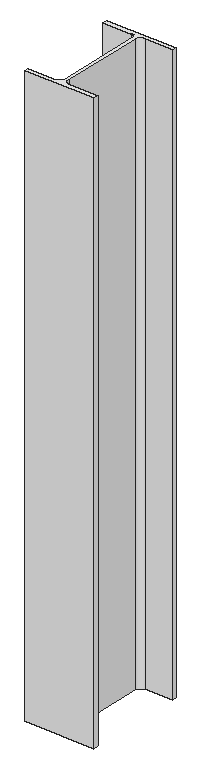
Revit family "H-기둥", category 구조 기둥, Revit 2026
Family settings
  단면 모양 = 정의되지 않음
  모델 동작 재료 = 스틸
  항상 형상으로 내보내기 = 아니오
  평면의 보 전환 = 경계 상자에서
  로드될 때 보이드를 사용하여 절단 = 아니오
  기호 표현 = 프로젝트 설정에서
  공유 = 아니오
  평면도에서 미리 절단된 패밀리 표시 = 예
Parameters (values of type "H440X124")
  Assembly Code = ""
  Structural Material [instance] = 금속 - 스틸 - 345 MPa
  A = 0.016 m²
  W = 1.216
  bf = 300 mm
  d = 440 mm
  k = 42 mm
  kr = k - tf  # 24 mm
  tf = 18 mm
  tw = 11 mm
Reference planes
  plane 1: y = 0
  plane 2: z = 0
  plane 3: x = 0
  plane 4: x = -150
  plane 5: x = 150
  plane 6: y = 220
  plane 7: y = -220
  plane 8: x = -3.969
  plane 9: x = 3.969
Forms (mm)
  Extrusion 1, solid, material "금속 - 스틸 - 345 MPa" <- "Structural Material", detail levels medium
    sketch origin (0, 0, 0) x (1, 0, 0) y (0, 1, 0)
      loop
        line (-150, 220) -> (-150, 202) -> (-5.5, 202) -> (-5.5, -202) -> (-150, -202) -> (-150, -220) -> (150, -220) -> (150, -202) -> (5.5, -202) -> (5.5, 202) -> (150, 202) -> (150, 220) -> (-150, 220)
    from 0 to 2500
  Extrusion 2, solid, material "금속 - 스틸 - 345 MPa" <- "Structural Material", detail levels fine
    sketch origin (0, 0, 0) x (1, 0, 0) y (0, 1, 0)
      loop
        line (-150, 220) -> (-150, 202) -> (-29.5, 202)
        arc (-29.5, 202) -> (-12.529, 194.971) -> (-5.5, 178) r 24
        line (-5.5, 178) -> (-5.5, -178)
        arc (-5.5, -178) -> (-12.529, -194.971) -> (-29.5, -202) r 24
        line (-29.5, -202) -> (-150, -202) -> (-150, -220) -> (150, -220) -> (150, -202) -> (29.5, -202)
        arc (29.5, -202) -> (12.529, -194.971) -> (5.5, -178) r 24
        line (5.5, -178) -> (5.5, 178)
        arc (5.5, 178) -> (12.529, 194.971) -> (29.5, 202) r 24
        line (29.5, 202) -> (150, 202) -> (150, 220) -> (-150, 220)
    from 0 to 2500
Lines and regions (mm)
  symbolic lines, style "StructuralColumnStickSymbols", detail levels coarse
    curve 1: line (-150, 220, 0) -> (150, 220, 0)
    curve 2: line (-150, -220, 0) -> (150, -220, 0)
    curve 3: line (0, 220, 0) -> (0, -220, 0)
  symbolic lines, style "숨겨진 면", detail levels medium+fine
    curve 4: line (-3.969, 0, 0) -> (-3.969, 0, 2500)
    curve 5: line (3.969, 0, 2500) -> (3.969, 0, 0)
Dimensions and locks
  equal spacing: plane 4, plane 3, plane 5
  equal spacing: plane 7, plane 1, plane 6
  "d": plane 7 to plane 6
  "bf": plane 4 to plane 5
  "tf": plane 7 to Extrusion 1 sketch curve
  "tf": Extrusion 1 sketch curve to plane 6
  equal spacing: Extrusion 1 sketch curve, plane 3, Extrusion 1 sketch curve
  "tw": Extrusion 1 sketch curve to Extrusion 1 sketch curve
  "kr": radius of Extrusion 2 sketch curve  (x4)
  aligned and locked: plane 6 to Extrusion 1 sketch curve
  aligned and locked: Extrusion 1 sketch curve to plane 7
  aligned and locked: Extrusion 1 sketch curve to plane 4  (x2)
  aligned and locked: plane 5 to Extrusion 1 sketch curve  (x2)
  aligned and locked: Extrusion 1 sketch curve to Extrusion 1 sketch curve  (x2)
  aligned and locked: level to Extrusion 1
  aligned and locked: level to plane 2
  aligned and locked: Extrusion 1 to plane 2
  aligned and locked: plane 6 to Extrusion 2 sketch curve
  aligned and locked: plane 5 to Extrusion 2 sketch curve  (x2)
  aligned and locked: Extrusion 2 sketch curve to plane 4  (x2)
  aligned and locked: Extrusion 2 sketch curve to Extrusion 1  (x6)
  aligned and locked: Extrusion 2 sketch curve to plane 7
  aligned and locked: level to Extrusion 2
  aligned and locked: Extrusion 2 to level
Automatic sketch dimensions
  curve 2 to plane 4 = 0 mm
  curve 1 to plane 4 = 0 mm
  curve 3 to plane 3 = 0 mm
  curve 2 to plane 5 = 0 mm
  curve 1 to plane 5 = 0 mm
  curve 3 to plane 7 = 0 mm
  curve 3 to plane 6 = 0 mm
  curve 4 to level = 0 mm  (x2)
  curve 4 to plane 8 = 0 mm
  curve 5 to level = 0 mm  (x2)
  curve 5 to plane 9 = 0 mm
